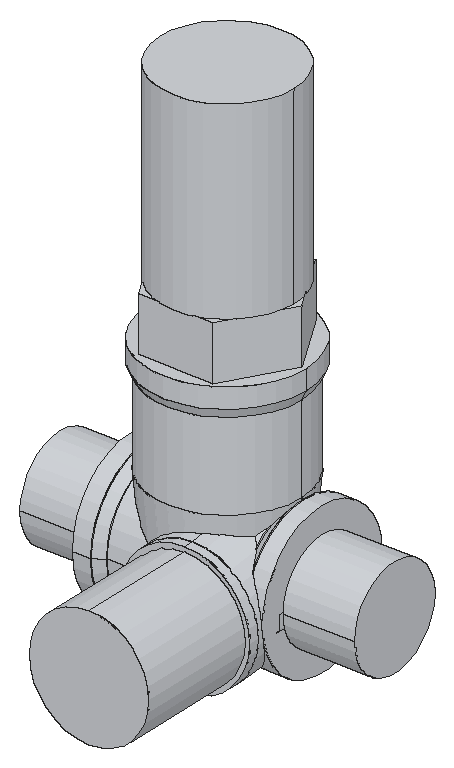
Revit family "TermCon_DN20_MM_RFA_2019", category Pipe Accessories, Revit 2019
Family settings
  Round Connector Dimension = Use Diameter
  Part Type = Valve - Breaks Into
  Work Plane-Based = No
  Always vertical = Yes
  Cut with Voids When Loaded = No
  Shared = No
Parameters (values of type "TemCon DN20 M/M")
  magiProductId = "6f633da33f234d7083190c3661a0b3"
  magiProductFamilyId = "21dbfbd9cdbe4438ac6817ff3d9771"
  magiPartTypeId = 306
  isMeasuringValve [instance] = no
  ang2D [instance] = 0.00°
  W2D = 20 mm
  W2 = 2 mm
  W1 = 24 mm
  W = 42 mm
  VersionID = "2.0/2018.12.13.2/FRESE_TEMCON_M_001"
  Use Minimum Symbol Size [instance] = no
  URL = "www.hydronic.cz"
  Type Comments = "závitový s vnějším závitem PN10;  max dp=100kPa; pracovní rozsah 10+-100°C; rozsah nastavení 37-65°C; rouzsah nastavení pro bypass 70-80°C;"
  R7 = 12 mm
  R6 = 13 mm
  R5 = 13.419 mm
  R4 = 15.91 mm
  R3 = 14.91 mm
  R2 = 13.5 mm
  R1 = 15 mm
  QmdConnectorList = "301;D;302;D"
  Productdata [instance] = ""
  Manufacturer = "Hydronic Systems Prague s.r.o."
  MC Product Code = "47-2892 DN20 MM (37-65°C, max 100kPa)"
  LT2 = 33.5 mm
  LL__ve = -LL  # -14.5 mm
  LL1__ve = -LL1  # -3.59 mm
  LL1 = 3.59 mm
  LL = 14.5 mm
  L2D_Min = 30.48 mm
  L2D = 38 mm
  L2 = 26.82 mm
  L1 = 18.09 mm
  H4 = 38.6 mm
  H3 = 10.8 mm
  H2 = 4 mm
  H1 = 17.6 mm
  Description = "Automatický termostatický vyvažovací ventil pro rozvody TUV"
  DT2 = 10 mm
  D = 20 mm
  CenSd_R3_6 = R3 * cos(30.00°)  # 12.912 mm
Reference planes
  plane 1 "Center (Front/Back)": y = 0
  plane 2 "XYPLANE": z = 0
  plane 3 "Center (Left/Right)": x = 0
  plane 4 "94": x = 19
  plane 5 "90": x = -19
  plane 6 "53": y = -42
  plane 7 "50": x = 5.91
  plane 8 "48": y = -16
  plane 9 "44": y = -18
  plane 10 "42": z = -2
  plane 11 "40": z = 49.4
  plane 12 "38": z = 38.6
  plane 13 "33": z = 34.6
  plane 14 "30": z = 32.6
  plane 15 "26": z = 15
  plane 16 "22": x = 15.41
  plane 17 "21": x = 13.41
  plane 18 "13": x = -13.41
  plane 19 "12": x = -15.41
  plane 20 "6": x = 33.5
  plane 21 "5": x = -33.5
  plane 22 "3": z = 0
  plane 23 "2": y = 0
  plane 24 "1": x = 0
Forms (mm)
  Extrusion 1, solid
    sketch origin (33.5, -750, 0) x (0, 1, 0) y (0, 0, 1)
      loop
        circle (750, 0) r 10
    from 0 to -14.5 <- "LL__ve"
  Extrusion 2, solid
    sketch origin (-33.5, -750, 0) x (0, 1, 0) y (0, 0, 1)
      loop
        circle (750, 0) r 10
    from 0 to 14.5 <- "LL"
  Extrusion 3, solid
    sketch origin (750, -42, 0) x (-1, 0, 0) y (0, 0, 1)
      loop
        circle (744.09, -2) r 12
    from 0 to 24 <- "W1"
  Blend 4, solid
    base sketch origin (750, 0, 0) x (-1, 0, 0) y (0, 0, 1)
      loop
        circle (744.09, 0) r 13.5
    top sketch origin (750, 0, 0) x (-1, 0, 0) y (0, 0, 1)
      loop
        circle (744.09, -2) r 13
    from 0 to -16
  Extrusion 5, solid
    sketch origin (750, -18, 0) x (-1, 0, 0) y (0, 0, 1)
      loop
        circle (744.09, -2) r 13
    from 0 to 2 <- "W2"
  Extrusion 6, solid
    sketch origin (-750, 0, 49.4) x (1, 0, 0) y (0, 1, 0)
      loop
        circle (750, 0) r 13.419
    from 0 to 38.6 <- "H4"
  Extrusion 7, solid
    sketch origin (-750, 0, 38.6) x (1, 0, 0) y (0, 1, 0)
      loop
        line (764.91, 0) -> (757.455, 12.912) -> (742.545, 12.912) -> (735.09, 0) -> (742.545, -12.912) -> (757.455, -12.912) -> (764.91, 0)
    from 0 to 10.8 <- "H3"
  Extrusion 8, solid
    sketch origin (-750, 0, 34.6) x (1, 0, 0) y (0, 1, 0)
      loop
        circle (750, 0) r 15.91
    from 0 to 4 <- "H2"
  Blend 9, solid
    base sketch origin (-750, 0, 32.6) x (1, 0, 0) y (0, 1, 0)
      loop
        circle (750, 0) r 14.91
    top sketch origin (-750, 0, 32.6) x (1, 0, 0) y (0, 1, 0)
      loop
        circle (750, 0) r 15.91
    from 0 to 2
  Extrusion 10, solid
    sketch origin (-750, 0, 15) x (1, 0, 0) y (0, 1, 0)
      loop
        circle (750, 0) r 14.91
    from 0 to 17.6 <- "H1"
  Blend 11, solid
    base sketch origin (-750, 0, 0) x (1, 0, 0) y (0, 1, 0)
      loop
        circle (750, 0) r 13.5
    top sketch origin (-750, 0, 0) x (1, 0, 0) y (0, 1, 0)
      loop
        circle (750, 0) r 14.91
    from 0 to 15
  Blend 12, solid
    base sketch origin (13.41, -750, 0) x (0, 1, 0) y (0, 0, 1)
      loop
        circle (750, 0) r 13.5
    top sketch origin (13.41, -750, 0) x (0, 1, 0) y (0, 0, 1)
      loop
        circle (750, 0) r 15
    from 0 to 2
  Extrusion 13, solid
    sketch origin (15.41, -750, 0) x (0, 1, 0) y (0, 0, 1)
      loop
        circle (750, 0) r 15
    from 0 to 3.59 <- "LL1"
  Extrusion 14, solid
    sketch origin (-13.41, -750, 0) x (0, 1, 0) y (0, 0, 1)
      loop
        circle (750, 0) r 13.5
    from 0 to 26.82 <- "L2"
  Blend 15, solid
    base sketch origin (-15.41, -750, 0) x (0, 1, 0) y (0, 0, 1)
      loop
        circle (750, 0) r 15
    top sketch origin (-15.41, -750, 0) x (0, 1, 0) y (0, 0, 1)
      loop
        circle (750, 0) r 13.5
    from 0 to 2
  Extrusion 16, solid
    sketch origin (-15.41, -750, 0) x (0, 1, 0) y (0, 0, 1)
      loop
        circle (750, 0) r 15
    from 0 to -3.59 <- "LL1__ve"
  Extrusion 17, solid, not visible
    sketch origin (19, -750, 0) x (0, 1, 0) y (0, 0, 1)
      loop
        circle (750, 0) r 10
    from 0 to -10
  Extrusion 18, solid, not visible
    sketch origin (-19, -750, 0) x (0, 1, 0) y (0, 0, 1)
      loop
        circle (750, 0) r 10
    from 0 to 10
Lines and regions (mm)
  reference lines, not visible
    curve 1: circle (2, 2, 0) r 1 normal (0, 0, 1)
  reference lines
    curve 2: line (0, 0, 38.6) -> (-3.727, 6.456, 38.6)
    curve 3: line (0, 0, 38.6) -> (-7.455, 0, 38.6)
    curve 4: line (0, 0, 38.6) -> (-3.727, -6.456, 38.6)
Dimensions and locks
  plane 1 "Center (Front/Back)" to curve 1 = 2 mm
  "LL": plane 20 "6" to plane 4 "94"
  "LL1": plane 19 "12" to plane 5 "90"
  "W": plane 1 "Center (Front/Back)" to plane 6 "53"
  locked: plane 17 "21" to plane 7 "50" at 7.5
  locked: plane 9 "44" to plane 8 "48" at 2
  locked: plane 1 "Center (Front/Back)" to plane 9 "44" at 18
  locked: plane 2 "XYPLANE" to plane 10 "42" at 2
  "H3": plane 12 "38" to plane 11 "40"
  "H2": plane 13 "33" to plane 12 "38"
  locked: plane 14 "30" to plane 13 "33" at 2
  "H1": plane 15 "26" to plane 14 "30"
  locked: plane 2 "XYPLANE" to plane 15 "26" at 15
  locked: plane 17 "21" to plane 16 "22" at 2
  "L2": plane 18 "13" to plane 17 "21"
  locked: plane 19 "12" to plane 18 "13" at 2
  "L1": plane 21 "5" to plane 19 "12"
  "LT2": plane 3 "Center (Left/Right)" to plane 20 "6"
  "LT2": plane 3 "Center (Left/Right)" to plane 21 "5"
  locked: plane 2 "XYPLANE" to plane 22 "3"
  locked: plane 1 "Center (Front/Back)" to plane 23 "2"
  locked: plane 3 "Center (Left/Right)" to plane 24 "1"
  "CenSd_R3_6": curve 2 to Extrusion 7 sketch curve  (x2)
  "CenSd_R3_6": curve 3 to Extrusion 7 sketch curve  (x2)
  "CenSd_R3_6": curve 4 to Extrusion 7 sketch curve  (x2)
  Extrusion 7 sketch curve to Extrusion 7 sketch curve = 0 mm  (x12)
  "DT2": radius of Extrusion 1 sketch curve
  "DT2": radius of Extrusion 2 sketch curve
  "R7": radius of Extrusion 3 sketch curve
  "R6": radius of Blend 4 sketch curve
  "R2": radius of Blend 4 sketch curve
  "R6": radius of Extrusion 5 sketch curve
  "R5": radius of Extrusion 6 sketch curve
  "R4": radius of Extrusion 8 sketch curve
  "R4": radius of Blend 9 sketch curve
  "R3": radius of Blend 9 sketch curve
  "R3": radius of Extrusion 10 sketch curve
  "R3": radius of Blend 11 sketch curve
  "R2": radius of Blend 11 sketch curve
  "R1": radius of Blend 12 sketch curve
  "R2": radius of Blend 12 sketch curve
  "R1": radius of Extrusion 13 sketch curve
  "R2": radius of Extrusion 14 sketch curve
  "R2": radius of Blend 15 sketch curve
  "R1": radius of Blend 15 sketch curve
  "R1": radius of Extrusion 16 sketch curve
  locked: curve 3 to curve 2 (angle 60.00°)
  locked: curve 4 to curve 3 (angle 60.00°)
  locked: curve 4 to curve 2 (angle 120.00°)
  aligned and locked: level to plane 2 "XYPLANE"
  aligned and locked: plane 22 "3" to Extrusion 1 sketch curve
  aligned and locked: Extrusion 1 sketch curve to plane 23 "2"
  aligned and locked: plane 22 "3" to Extrusion 2 sketch curve
  aligned and locked: Extrusion 2 sketch curve to plane 23 "2"
  aligned and locked: plane 7 "50" to Extrusion 3 sketch curve
  aligned and locked: plane 10 "42" to Extrusion 3 sketch curve
  aligned and locked: plane 7 "50" to Blend 4 sketch curve  (x2)
  aligned and locked: plane 10 "42" to Blend 4 sketch curve
  aligned and locked: plane 22 "3" to Blend 4 sketch curve
  aligned and locked: Blend 4 to plane 8 "48"
  aligned and locked: plane 7 "50" to Extrusion 5 sketch curve
  aligned and locked: plane 10 "42" to Extrusion 5 sketch curve
  aligned and locked: plane 23 "2" to Extrusion 6 sketch curve
  aligned and locked: plane 24 "1" to Extrusion 6 sketch curve
  aligned and locked: plane 23 "2" to curve 4
  aligned and locked: plane 24 "1" to curve 4
  aligned and locked: plane 23 "2" to Extrusion 8 sketch curve
  aligned and locked: plane 24 "1" to Extrusion 8 sketch curve
  aligned and locked: plane 23 "2" to Blend 9 sketch curve  (x2)
  aligned and locked: plane 24 "1" to Blend 9 sketch curve  (x2)
  aligned and locked: plane 13 "33" to Blend 9
  aligned and locked: plane 23 "2" to Extrusion 10 sketch curve
  aligned and locked: plane 24 "1" to Extrusion 10 sketch curve
  aligned and locked: plane 23 "2" to Blend 11 sketch curve  (x2)
  aligned and locked: plane 24 "1" to Blend 11 sketch curve  (x2)
  aligned and locked: plane 15 "26" to Blend 11
  aligned and locked: plane 22 "3" to Blend 12 sketch curve  (x2)
  aligned and locked: Blend 12 sketch curve to plane 23 "2"  (x2)
  aligned and locked: plane 16 "22" to Blend 12
  aligned and locked: plane 22 "3" to Extrusion 13 sketch curve
  aligned and locked: Extrusion 13 sketch curve to plane 23 "2"
  aligned and locked: plane 22 "3" to Extrusion 14 sketch curve
  aligned and locked: Extrusion 14 sketch curve to plane 23 "2"
  aligned and locked: plane 22 "3" to Blend 15 sketch curve  (x2)
  aligned and locked: Blend 15 sketch curve to plane 23 "2"  (x2)
  aligned and locked: plane 18 "13" to Blend 15
  aligned and locked: plane 22 "3" to Extrusion 16 sketch curve
  aligned and locked: Extrusion 16 sketch curve to plane 23 "2"
  aligned and locked: plane 22 "3" to Extrusion 17 sketch curve
  aligned and locked: Extrusion 17 sketch curve to plane 23 "2"
  aligned and locked: plane 22 "3" to Extrusion 18 sketch curve
  aligned and locked: Extrusion 18 sketch curve to plane 23 "2"
Automatic sketch dimensions
  plane 8 "48" to Extrusion 17 sketch curve = 6 mm
  plane 8 "48" to Extrusion 18 sketch curve = 6 mm
  plane 3 "Center (Left/Right)" to curve 1 = 2 mm
  radius of curve 1 = 1 mm
Connectors
  piping at (-19, 0, 0), diameter 20, driven by "D"
    settings: on Extrusion 18, index 1, connector inside diameter 609.6 mm, connector length 0 mm, flow factor 0, pipe flow 0.0 L/s, pressure drop 0.0 Pa, fitting loss kfactor 0, connector angle 0.00°, fixture units 0, engagement length 0 mm, angle of deflection 0.00°, flow configuration 0, flow direction 0, fitting loss method 0, system type 29, joint type 0, gender type 0, connector reference index 2, connector utility 0, adjustable connector no, is connector primary yes, connector description ""
  piping at (19, 0, 0), diameter 20, driven by "D"
    settings: on Extrusion 17, index 2, connector inside diameter 609.6 mm, connector length 0 mm, flow factor 0, pipe flow 0.0 L/s, pressure drop 0.0 Pa, fitting loss kfactor 0, connector angle 0.00°, fixture units 0, engagement length 0 mm, angle of deflection 0.00°, flow configuration 0, flow direction 0, fitting loss method 0, system type 29, joint type 0, gender type 0, connector reference index 1, connector utility 0, adjustable connector no, is connector primary no, connector description ""
